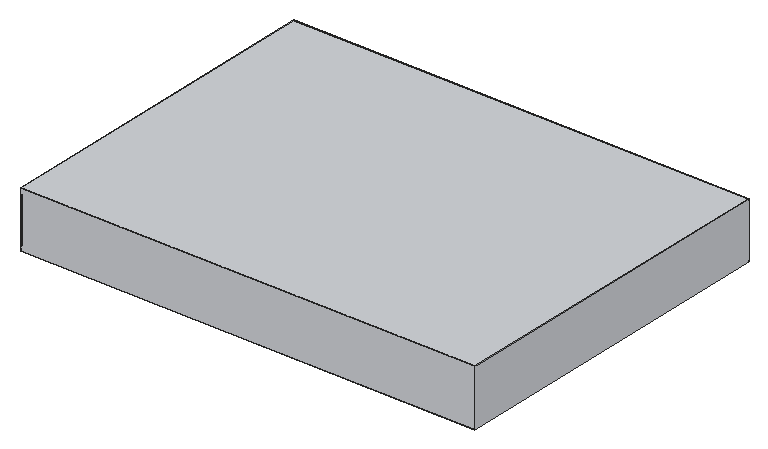
Revit family "FK074-24x18x3-Z", category Furniture, Revit 2019
Family settings
  OmniClass Number = 23.40.20.00
  OmniClass Title = General Furniture and Specialties
  Work Plane-Based = No
  Always vertical = Yes
  Cut with Voids When Loaded = No
  Shared = No
  Room Calculation Point = No
Parameters (values of type "FK074-24x18x3-Z")
  Width = 1' - 6"
  URL = "https://fomcore.com/"
  Type Comments = "Lotus Series"  # constant formula
  Side = none
  Seat = none
  Model = "FK074-24x18x3"
  Manufacturer = "Fomcore"  # constant formula
  Length = 2' - 0"
  Description = "3\" Plank Floor Pad Short, 24\"Lx18\"Wx3\"H, Zippered"
Types (3): name | URL | Model | Length | Description
  (no name) | "https://fomcore.com/" | "FK074-24x18x3" | 2' - 0" | "3\" Plank Floor Pad Short, 24\"Lx18\"Wx3\"H, Zippered"
  FK074-24x18x3-Z | "https://fomcore.com/" | "FK074-24x18x3" | 2' - 0" | "3\" Plank Floor Pad Short, 24\"Lx18\"Wx3\"H, Zippered"
  FK074-48x18x3-Z | 0' - 0" | "FK074-48x18x3-Z" | 4' - 0" | "3\" Plank Floor Pad Long, 48\"Lx18\"Wx3\"H, Zippered"
Reference planes (in)
  plane 1 "Center Front/Back": y = 0
  plane 2: z = 0
  plane 3 "Center Left/Right": x = 0
  plane 4: x = -12
  plane 5: x = 12
  plane 6: y = 9
  plane 7: y = -9
Forms (in)
  Sweep 1, solid, material <- "Side"
    path origin (0, 0, 0) x (1, 0, 0) y (0, 1, 0)
      loop
        line (12, -9) -> (12, 9) -> (-12, 9) -> (-12, -9) -> (12, -9)
    profile origin (0, -9, 0) x (0, -1, 0) y (0, 0, 1)
      loop
        line (0, 0) -> (0, 3) -> (-0.05812, 2.78309) -> (-0.05812, 0.25765) -> (0, 0)
  Blend 2, solid, material <- "Seat"
    base sketch origin (0, 0, 0) x (1, 0, 0) y (0, 1, 0)
      loop
        line (12, 9) -> (-12, 9) -> (-12, -9) -> (12, -9) -> (12, 9)
    top sketch origin (0, 0, 0) x (1, 0, 0) y (0, 1, 0)
      loop
        line (-11.94188, 8.94188) -> (-11.94188, -8.94188) -> (11.94188, -8.94188) -> (11.94188, 8.94188) -> (-11.94188, 8.94188)
    from 0 to 0.25765
  Blend 3, solid, material <- "Seat"
    base sketch origin (0, 0, 3.04074) x (0, -1, 0) y (1, 0, 0)
      loop
        line (-9, 12) -> (-9, -12) -> (9, -12) -> (9, 12) -> (-9, 12)
    top sketch origin (0, 0, 3.04074) x (0, -1, 0) y (1, 0, 0)
      loop
        line (-8.94188, -11.94188) -> (8.94188, -11.94188) -> (8.94188, 11.94188) -> (-8.94188, 11.94188) -> (-8.94188, -11.94188)
    from -0.04074 to -0.25765
Dimensions and locks (in)
  equal spacing: plane 6, plane 1 "Center Front/Back", plane 7
  "Length": plane 4 to plane 5
  "Width": plane 6 to plane 7
  aligned and locked: level to plane 2
  aligned and locked: plane 4 to Sweep 1 sketch curve
  aligned and locked: Sweep 1 sketch curve to plane 6
  aligned and locked: Sweep 1 sketch curve to plane 5
  aligned and locked: plane 7 to Sweep 1 sketch curve
Automatic sketch dimensions
  Sweep 1 sketch curve to profile plane = 0' - 0"
  Sweep 1 sketch curve to level = 0' - 0"
  profile plane to Sweep 1 sketch curve = 0' - 0.05812"
  level to Sweep 1 sketch curve = 0' - 0.25765"
  Sweep 1 sketch curve to Sweep 1 sketch curve = 0' - 2.52544"
  Sweep 1 sketch curve to Sweep 1 sketch curve = 0' - 0.21691"
  Blend 2 sketch curve to plane 4 = 0' - 0"
  Blend 2 sketch curve to plane 5 = 0' - 0"
  Blend 2 sketch curve to plane 7 = 0' - 0"
  Blend 2 sketch curve to plane 6 = 0' - 0"
  plane 4 to Blend 2 sketch curve = 0' - 0.05812"
  Blend 2 sketch curve to plane 5 = 0' - 0.05812"
  plane 7 to Blend 2 sketch curve = 0' - 0.05812"
  Blend 2 sketch curve to plane 6 = 0' - 0.05812"
  Blend 3 sketch curve to plane 4 = 0' - 0"
  Blend 3 sketch curve to plane 6 = 0' - 0"
  Blend 3 sketch curve to plane 5 = 0' - 0"
  Blend 3 sketch curve to plane 7 = 0' - 0"
  Blend 3 sketch curve to plane 6 = 0' - 0.05812"
  plane 7 to Blend 3 sketch curve = 0' - 0.05812"
  plane 4 to Blend 3 sketch curve = 0' - 0.05812"
  Blend 3 sketch curve to plane 5 = 0' - 0.05812"
